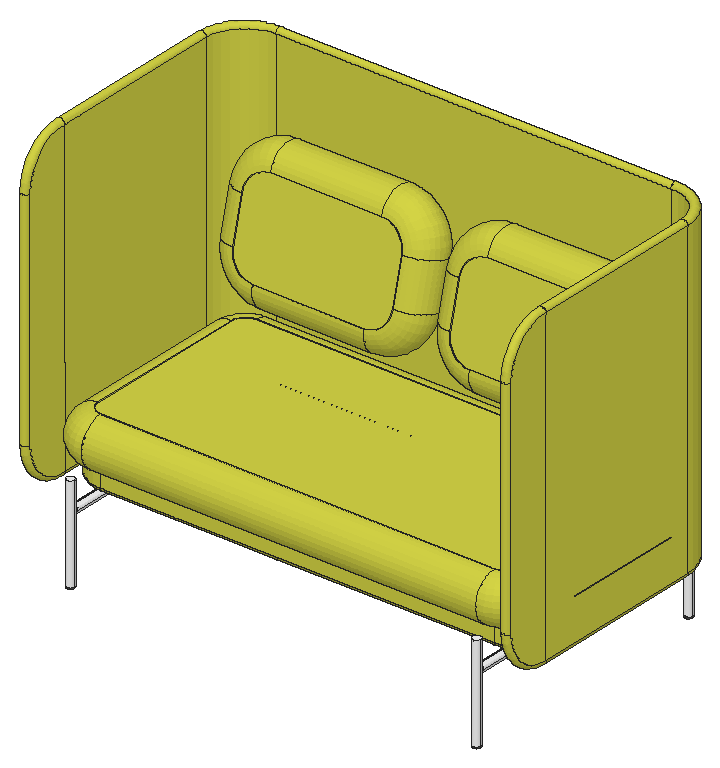
Revit family "SA-320", category Мебель, Revit 2017
Family settings
  На основе рабочей плоскости = Нет
  Всегда вертикально = Да
  При загрузке вырезать с полостями = Нет
  Общий = Нет
  Точка расчета площади = Нет
Parameters
  URL = "http://file-system.ru/catalog/zdaniya_i_sooruzheniya/interer/mebel/my_sa_320_skandiform_sofa/"
  Комментарии к типоразмеру = "Created by Astacus AB"
  Seat material = Rape Yellow
  Группа модели = "SA-320"
  Изготовитель = "Skandiform AB"
  Legs Material = White Lacquer
  Ключевая пометка = "XBF.4"
  Backrest material = Rape Yellow
Reference planes
  plane 1 "Center (Front/Back)": y = 0
  plane 2: z = 0
  plane 3 "Center (Left/Right)": x = 0
  plane 4: z = 298.5
  plane 5: z = 230
  plane 6: x = 340
  plane 7: through (0, 198.611, 798.071) normal (0, 0.9703, -0.2419)
Forms (mm)
  Sweep 1, solid, material "Rape Yellow" <- "Backrest material"
    path origin (0, 0, 0) x (1, 0, 0) y (0, 1, 0)
      loop
        line (1107.5, -292.25) -> (1107.5, 262.75)
        arc (1107.5, 262.75) -> (1064.005, 367.755) -> (959, 411.25) r 148.5
        line (959, 411.25) -> (-279, 411.25)
        arc (-279, 411.25) -> (-384.005, 367.755) -> (-427.5, 262.75) r 148.5
        line (-427.5, 262.75) -> (-427.5, -292.25)
    profile origin (-427.5, -14.75, 0) x (1, 0, 0) y (0, 0, 1)
      loop
        arc (27, 1213.68) -> (13.5, 1227.18) -> (0, 1213.68) r 13.5
        line (0, 1213.68) -> (0, 238.874)
        arc (0, 238.874) -> (13.5, 225.374) -> (27, 238.874) r 13.5
        line (27, 238.874) -> (27, 1213.68)
  Extrusion 2, solid, material "Rape Yellow" <- "Backrest material"
    sketch origin (0, 0, 0) x (0, 1, 0) y (0, 0, -1)
      loop
        line (-292.25, -1213.68) -> (-292.25, -237.5)
        arc (-292.25, -237.5) -> (-388.417, -277.333) -> (-428.25, -373.5) r 136
        line (-428.25, -373.5) -> (-428.25, -1078.5)
        arc (-428.25, -1078.5) -> (-388.491, -1174.502) -> (-292.25, -1213.68) r 134.763
    from 400.5 to 427.5
  Sweep 3, solid, material "Rape Yellow" <- "Backrest material"
    path in 3D
      loop
        arc (-427.5, -292.25, 1213.68) -> (-427.5, -388.491, 1174.502) -> (-427.5, -428.25, 1078.5) r 134.763
        line (-427.5, -428.25, 1078.5) -> (-427.5, -428.25, 373.5)
        arc (-427.5, -428.25, 373.5) -> (-427.5, -388.417, 277.333) -> (-427.5, -292.25, 237.5) r 136
    profile origin (-427.5, -428.25, 726) x (-1, 0, 0) y (0, -1, 0)
      loop
        arc (0, 0) -> (-13.5, 13.5) -> (-27, 0) r 13.5
        line (-27, 0) -> (0, 0)
  Extrusion 4, solid, material "Rape Yellow" <- "Seat material"
    sketch origin (0, 0, 0) x (1, 0, 0) y (0, 1, 0)
      loop
        line (-277, -213.75) -> (277.5, -213.75) -> (957, -213.75)
        arc (957, -213.75) -> (976.799, -205.549) -> (985, -185.75) r 28
        line (985, -185.75) -> (985, 260.75)
        arc (985, 260.75) -> (976.799, 280.549) -> (957, 288.75) r 28
        line (957, 288.75) -> (277.5, 288.75) -> (-277, 288.75)
        arc (-277, 288.75) -> (-296.799, 280.549) -> (-305, 260.75) r 28
        line (-305, 260.75) -> (-305, -185.75)
        arc (-305, -185.75) -> (-296.799, -205.549) -> (-277, -213.75) r 28
    from 230 to 298.5
  Extrusion 5, solid, material "Rape Yellow" <- "Seat material"
    sketch origin (0, 0, 0) x (1, 0, 0) y (0, 1, 0)
      loop
        line (-277.5, -303.75) -> (277.5, -303.75) -> (957, -303.75)
        arc (957, -303.75) -> (987.406, -291.156) -> (1000, -260.75) r 43
        line (1000, -260.75) -> (1000, 260.75)
        arc (1000, 260.75) -> (987.406, 291.156) -> (957, 303.75) r 43
        line (957, 303.75) -> (277.5, 303.75) -> (-277.5, 303.75)
        arc (-277.5, 303.75) -> (-307.552, 291.302) -> (-320, 261.25) r 42.5
        line (-320, 261.25) -> (-320, -261.25)
        arc (-320, -261.25) -> (-307.552, -291.302) -> (-277.5, -303.75) r 42.5
    from 298.5 to 448.5
  Extrusion 6, solid, material "White Lacquer" <- "Legs Material"
    sketch origin (0, 0, 0) x (1, 0, 0) y (0, 1, 0)
      loop
        circle (-296, 430.75) r 12.502
    from 5 to 301.992
  Extrusion 7, solid, material "White Lacquer" <- "Legs Material"
    sketch origin (0, 31.498, 0) x (1, 0, 0) y (0, 1, 0)
      loop
        circle (-296, -430.75) r 12.502
    from 5 to 301.992
  Revolve 8, solid, material "Rubber, Black"
    sketch origin (0, 430.748, 0) x (1, 0, 0) y (0, 0, 1)
      loop
        line (-296, 0) -> (-283.498, 0) -> (-283.498, 5) -> (-296, 5) -> (-296, 0)
      axis (-296, 0) -> (-296, 5)
    angle from 0 to 360
  Revolve 9, solid, material "Rubber, Black"
    sketch origin (0, -399.248, 0) x (1, 0, 0) y (0, 0, 1)
      loop
        line (-296, 0) -> (-283.498, 0) -> (-283.498, 5) -> (-296, 5) -> (-296, 0)
      axis (-296, 0) -> (-296, 5)
    angle from 0 to 360
  Revolve 10, solid, material "Rubber, Black"
    sketch origin (0, 430.748, 0) x (1, 0, 0) y (0, 0, 1)
      loop
        line (-296, 0) -> (-283.498, 0) -> (-283.498, 5) -> (-296, 5) -> (-296, 0)
      axis (-296, 0) -> (-296, 5)
    angle from 0 to 360
  Extrusion 11, solid, material "White Lacquer" <- "Legs Material"
    sketch origin (0, 0, 0) x (1, 0, 0) y (0, 0, 1)
      loop
        circle (-295.98, 212.495) r 12.574
      loop
        circle (-295.98, 212.495) r 10.592
    from -417.25 to 385.75
  Extrusion 12, solid, material "White Lacquer" <- "Legs Material"
    sketch origin (0, 0, 0) x (0, 1, 0) y (0, 0, 1)
      loop
        circle (-184.25, 212.5) r 12.263
      loop
        circle (-184.25, 212.5) r 10.355
    from -295.275 to 976.52
  Extrusion 13, solid, material "White Lacquer" <- "Legs Material"
    sketch origin (0, 31.737, 0) x (0, -1, 0) y (0, 0, -1)
      loop
        circle (-184.25, -212.5) r 12.5
      loop
        circle (-184.25, -212.5) r 10.5
    from -295.275 to 976.52
  Extrusion 14, solid, material "White Lacquer" <- "Legs Material"
    sketch origin (0, 67.5, 0) x (-1, 0, 0) y (0, -1, 0)
      loop
        line (404.5, 221.25) -> (355, 221.25)
        arc (355, 221.25) -> (342.5, 208.75) -> (355, 196.25) r 12.5
        line (355, 196.25) -> (404.5, 196.25) -> (404.5, 221.25)
      loop
        circle (355, 208.75) r 3.327
    from 226 to 230
  Extrusion 15, solid, material "White Lacquer" <- "Legs Material"
    sketch origin (0, 0, 0) x (-1, 0, 0) y (0, -1, 0)
      loop
        line (404.5, -221.25) -> (404.5, -196.25) -> (355, -196.25)
        arc (355, -196.25) -> (342.5, -208.75) -> (355, -221.25) r 12.5
        line (355, -221.25) -> (404.5, -221.25)
      loop
        circle (355, -208.75) r 3.327
    from 226 to 230
  Extrusion 16, solid, material "White Lacquer" <- "Legs Material"
    sketch origin (342.75, 911.844, 0) x (0, -1, 0) y (1, 0, 0)
      loop
        line (523.594, -221.25) -> (573.094, -221.25)
        arc (573.094, -221.25) -> (585.594, -208.75) -> (573.094, -196.25) r 12.5
        line (573.094, -196.25) -> (523.594, -196.25) -> (523.594, -221.25)
      loop
        circle (573.094, -208.75) r 3.327
    from 226 to 230
  Extrusion 17, solid, material "White Lacquer" <- "Legs Material"
    sketch origin (68.75, 911.844, 0) x (0, -1, 0) y (1, 0, 0)
      loop
        line (523.594, -221.25) -> (573.094, -221.25)
        arc (573.094, -221.25) -> (585.594, -208.75) -> (573.094, -196.25) r 12.5
        line (573.094, -196.25) -> (523.594, -196.25) -> (523.594, -221.25)
      loop
        circle (573.094, -208.75) r 3.327
    from 226 to 230
  Extrusion 18, solid, material "Rape Yellow" <- "Backrest material"
    sketch origin (1507.886, 0, 0) x (0, 1, 0) y (0, 0, -1)
      loop
        line (-292.25, -1213.68) -> (-292.25, -237.5)
        arc (-292.25, -237.5) -> (-388.417, -277.333) -> (-428.25, -373.5) r 136
        line (-428.25, -373.5) -> (-428.25, -1078.5)
        arc (-428.25, -1078.5) -> (-388.491, -1174.502) -> (-292.25, -1213.68) r 134.763
    from 400.5 to 427.5
  Sweep 19, solid, material "Rape Yellow" <- "Backrest material"
    path in 3D
      loop
        arc (1080.5, -292.249, 1213.68) -> (1080.5, -388.49, 1174.502) -> (1080.5, -428.249, 1078.5) r 134.763
        line (1080.5, -428.249, 1078.5) -> (1080.5, -428.249, 373.5)
        arc (1080.5, -428.249, 373.5) -> (1080.5, -388.416, 277.333) -> (1080.5, -292.249, 237.5) r 136
    profile origin (1080.5, -428.249, 726) x (-1, 0, 0) y (0, -1, 0)
      loop
        arc (0, 0) -> (-13.5, 13.5) -> (-27, 0) r 13.5
        line (-27, 0) -> (0, 0)
  Sweep 20, solid, material "Rape Yellow" <- "Seat material"
    path origin (-244.829, -1524, 298.5) x (0, -1, 0) y (1, 0, 0)
      loop
        arc (-1827.75, -32.171) -> (-1815.156, -62.576) -> (-1784.75, -75.171) r 43
        line (-1784.75, -75.171) -> (-1263.25, -75.171)
        arc (-1263.25, -75.171) -> (-1232.844, -62.576) -> (-1220.25, -32.171) r 43
        line (-1220.25, -32.171) -> (-1220.25, 1201.829)
        arc (-1220.25, 1201.829) -> (-1232.844, 1232.235) -> (-1263.25, 1244.829) r 43
        line (-1263.25, 1244.829) -> (-1784.75, 1244.829)
        arc (-1784.75, 1244.829) -> (-1815.156, 1232.235) -> (-1827.75, 1201.829) r 43
        line (-1827.75, 1201.829) -> (-1827.75, -32.171)
    profile origin (340, 303.75, 298.5) x (0, 1, 0) y (0, 0, 1)
      loop
        arc (0, 0) -> (75, 75) -> (0, 150) r 75
        line (0, 150) -> (0, 0)
  Sweep 21, solid, material "Rape Yellow" <- "Seat material"
    path origin (0, -290.365, 230) x (0, 1, 0) y (-1, 0, 0)
      loop
        line (76.615, -277) -> (76.615, -957)
        arc (76.615, -957) -> (84.816, -976.799) -> (104.615, -985) r 28
        line (104.615, -985) -> (551.115, -985)
        arc (551.115, -985) -> (570.914, -976.799) -> (579.115, -957) r 28
        line (579.115, -957) -> (579.115, -277) -> (579.115, 276.99)
        arc (579.115, 276.99) -> (570.911, 296.796) -> (551.105, 305) r 28.01
        line (551.105, 305) -> (104.615, 305)
        arc (104.615, 305) -> (84.816, 296.799) -> (76.615, 277) r 28
        line (76.615, 277) -> (76.615, -277)
    profile origin (0, -213.75, 230) x (0, -1, 0) y (0, 0, 1)
      loop
        line (0, 0) -> (80, 0)
        arc (80, 0) -> (87.071, 2.929) -> (90, 10) r 10
        line (90, 10) -> (90, 58.5)
        arc (90, 58.5) -> (87.071, 65.571) -> (80, 68.5) r 10
        line (80, 68.5) -> (0, 68.5) -> (0, 0)
  Extrusion 22, solid, material "White Lacquer" <- "Legs Material"
    sketch origin (680, 31.498, 0) x (-1, 0, 0) y (0, -1, 0)
      loop
        circle (-296, 430.75) r 12.502
    from 5 to 301.992
  Extrusion 23, solid, material "White Lacquer" <- "Legs Material"
    sketch origin (680, 0, 0) x (-1, 0, 0) y (0, -1, 0)
      loop
        circle (-296, -430.75) r 12.502
    from 5 to 301.992
  Extrusion 24, solid, material "White Lacquer" <- "Legs Material"
    sketch origin (680, 0, 0) x (-1, 0, 0) y (0, 0, -1)
      loop
        circle (-295.98, -212.495) r 12.574
      loop
        circle (-295.98, -212.495) r 10.592
    from -417.25 to 385.75
  Extrusion 25, solid, material "White Lacquer" <- "Legs Material"
    sketch origin (680, 0, 0) x (1, 0, 0) y (0, 1, 0)
      loop
        line (404.5, 221.25) -> (355, 221.25)
        arc (355, 221.25) -> (342.5, 208.75) -> (355, 196.25) r 12.5
        line (355, 196.25) -> (404.5, 196.25) -> (404.5, 221.25)
      loop
        circle (355, 208.75) r 3.327
    from 226 to 230
  Extrusion 26, solid, material "White Lacquer" <- "Legs Material"
    sketch origin (680, 67.5, 0) x (1, 0, 0) y (0, 1, 0)
      loop
        line (404.5, -221.25) -> (404.5, -196.25) -> (355, -196.25)
        arc (355, -196.25) -> (342.5, -208.75) -> (355, -221.25) r 12.5
        line (355, -221.25) -> (404.5, -221.25)
      loop
        circle (355, -208.75) r 3.327
    from 226 to 230
  Extrusion 27, solid, material "White Lacquer" <- "Legs Material"
    sketch origin (337.25, 911.844, 0) x (0, -1, 0) y (1, 0, 0)
      loop
        line (523.594, 221.25) -> (523.594, 196.25) -> (573.094, 196.25)
        arc (573.094, 196.25) -> (585.594, 208.75) -> (573.094, 221.25) r 12.5
        line (573.094, 221.25) -> (523.594, 221.25)
      loop
        circle (573.094, 208.75) r 3.327
    from 226 to 230
  Extrusion 28, solid, material "White Lacquer" <- "Legs Material"
    sketch origin (611.25, 911.844, 0) x (0, -1, 0) y (1, 0, 0)
      loop
        line (523.594, 221.25) -> (523.594, 196.25) -> (573.094, 196.25)
        arc (573.094, 196.25) -> (585.594, 208.75) -> (573.094, 221.25) r 12.5
        line (573.094, 221.25) -> (523.594, 221.25)
      loop
        circle (573.094, 208.75) r 3.327
    from 226 to 230
  Revolve 29, solid, material "Rubber, Black"
    sketch origin (680, 430.748, 0) x (-1, 0, 0) y (0, 0, -1)
      loop
        line (-296, 0) -> (-296, -5) -> (-283.498, -5) -> (-283.498, 0) -> (-296, 0)
      axis (-296, 0) -> (-296, -5)
    angle from 0 to 360
  Revolve 30, solid, material "Rubber, Black"
    sketch origin (680, -399.252, 0) x (-1, 0, 0) y (0, 0, 1)
      loop
        line (-296, 0) -> (-283.498, 0) -> (-283.498, 5) -> (-296, 5) -> (-296, 0)
      axis (-296, 0) -> (-296, 5)
    angle from 0 to 360
  Sweep 31, solid, material "Rape Yellow" <- "Seat material"
    path origin (0, 198.611, 798.071) x (0, -0.241922, -0.970296) y (-1, 0, 0)
      loop
        arc (158.736, 175) -> (136.769, 228.033) -> (83.736, 250) r 75
        line (83.736, 250) -> (-57.329, 250)
        arc (-57.329, 250) -> (-110.362, 228.033) -> (-132.329, 175) r 75
        line (-132.329, 175) -> (-132.329, -174.81)
        arc (-132.329, -174.81) -> (-110.362, -227.843) -> (-57.329, -249.81) r 75
        line (-57.329, -249.81) -> (83.736, -249.81)
        arc (83.736, -249.81) -> (136.769, -227.843) -> (158.736, -174.81) r 75
        line (158.736, -174.81) -> (158.736, 175)
    profile origin (-0.095, 160.209, 644.05) x (0, -0.241922, -0.970296) y (0, 0.970296, -0.241922)
      loop
        arc (0, 1.613) -> (76.137, 77.314) -> (-1.523, 151.452) r 74.949
        line (-1.523, 151.452) -> (0, 1.613)
  Extrusion 32, solid, material "Rape Yellow" <- "Seat material"
    sketch origin (0, 198.611, 798.071) x (0, -0.241922, -0.970296) y (-1, 0, 0)
      loop
        line (158.736, -174.81) -> (158.736, 175)
        arc (158.736, 175) -> (136.769, 228.033) -> (83.736, 250) r 75
        line (83.736, 250) -> (-57.329, 250)
        arc (-57.329, 250) -> (-110.362, 228.033) -> (-132.329, 175) r 75
        line (-132.329, 175) -> (-132.329, -174.81)
        arc (-132.329, -174.81) -> (-110.362, -227.843) -> (-57.329, -249.81) r 75
        line (-57.329, -249.81) -> (83.736, -249.81)
        arc (83.736, -249.81) -> (136.769, -227.843) -> (158.736, -174.81) r 75
    from 1.613 to 151.452
  Sweep 33, solid, material "Rape Yellow" <- "Seat material"
    path origin (680, 198.611, 798.071) x (0, -0.241922, -0.970296) y (-1, 0, 0)
      loop
        line (158.736, -175) -> (158.736, 174.81)
        arc (158.736, 174.81) -> (136.769, 227.843) -> (83.736, 249.81) r 75
        line (83.736, 249.81) -> (-57.329, 249.81)
        arc (-57.329, 249.81) -> (-110.362, 227.843) -> (-132.329, 174.81) r 75
        line (-132.329, 174.81) -> (-132.329, -175)
        arc (-132.329, -175) -> (-110.362, -228.033) -> (-57.329, -250) r 75
        line (-57.329, -250) -> (83.736, -250)
        arc (83.736, -250) -> (136.769, -228.033) -> (158.736, -175) r 75
    profile origin (680.095, 160.209, 644.05) x (0, 0.241922, 0.970296) y (0, 0.970296, -0.241922)
      loop
        line (0, 1.613) -> (1.523, 151.452)
        arc (1.523, 151.452) -> (-76.137, 77.314) -> (0, 1.613) r 74.949
  Extrusion 34, solid, material "Rape Yellow" <- "Seat material"
    sketch origin (680, 198.611, 798.071) x (0, -0.241922, -0.970296) y (-1, 0, 0)
      loop
        arc (158.736, 174.81) -> (136.769, 227.843) -> (83.736, 249.81) r 75
        line (83.736, 249.81) -> (-57.329, 249.81)
        arc (-57.329, 249.81) -> (-110.362, 227.843) -> (-132.329, 174.81) r 75
        line (-132.329, 174.81) -> (-132.329, -175)
        arc (-132.329, -175) -> (-110.362, -228.033) -> (-57.329, -250) r 75
        line (-57.329, -250) -> (83.736, -250)
        arc (83.736, -250) -> (136.769, -228.033) -> (158.736, -175) r 75
        line (158.736, -175) -> (158.736, 174.81)
    from 1.613 to 151.452
Cuts and joins
  joined: Extrusion 2, Sweep 3
Lines and regions (mm)
  Masking region 1
    outline origin (0, -290.365, 230) x (0, 1, 0) y (-1, 0, 0)
      loop
        arc (-137.884, 427.5) -> (-151.384, 414) -> (-137.884, 400.5) r 13.5
        line (-137.884, 400.5) -> (136.615, 400.5) -> (136.615, 395.031) -> (29.609, 395.031)
        arc (29.609, 395.031) -> (-41.834, 370.945) -> (-84.112, 308.521) r 118
        line (-84.112, 308.521) -> (-108.822, 308.521)
        arc (-108.822, 308.521) -> (-121.38, 295.963) -> (-108.822, 283.406) r 12.557
        line (-108.822, 283.406) -> (-88.386, 283.406) -> (-88.386, -963.406) -> (-108.822, -963.406)
        arc (-108.822, -963.406) -> (-121.38, -975.963) -> (-108.822, -988.521) r 12.557
        line (-108.822, -988.521) -> (-84.112, -988.521)
        arc (-84.112, -988.521) -> (-41.834, -1050.945) -> (29.609, -1075.031) r 118
        line (29.609, -1075.031) -> (136.615, -1075.031) -> (136.615, -1080.5) -> (-137.884, -1080.5)
        arc (-137.884, -1080.5) -> (-151.384, -1094) -> (-137.884, -1107.5) r 13.5
        line (-137.884, -1107.5) -> (557.115, -1107.5)
        arc (557.115, -1107.5) -> (649.832, -1073.833) -> (699.347, -988.521) r 144.504
        line (699.347, -988.521) -> (721.118, -988.521)
        arc (721.118, -988.521) -> (733.676, -975.963) -> (721.118, -963.406) r 12.557
        line (721.118, -963.406) -> (701.619, -963.406) -> (701.619, 283.406) -> (721.118, 283.406)
        arc (721.118, 283.406) -> (733.676, 295.963) -> (721.118, 308.521) r 12.557
        line (721.118, 308.521) -> (699.347, 308.521)
        arc (699.347, 308.521) -> (649.832, 393.833) -> (557.115, 427.5) r 144.504
        line (557.115, 427.5) -> (-137.884, 427.5)
      loop
        line (161.615, 400.5) -> (161.615, 395.031) -> (486.615, 395.031) -> (486.615, 400.5) -> (161.615, 400.5)
      loop
        arc (551.121, 395.031) -> (634.165, 360.863) -> (669.116, 278.145) r 118
        line (669.116, 278.145) -> (669.116, -958.145)
        arc (669.116, -958.145) -> (634.165, -1040.863) -> (551.121, -1075.031) r 118
        line (551.121, -1075.031) -> (511.615, -1075.031) -> (511.615, -1080.5) -> (556.615, -1080.5)
        arc (556.615, -1080.5) -> (640.308, -1043.137) -> (674.614, -958.145) r 122.435
        line (674.614, -958.145) -> (674.614, 278.145)
        arc (674.614, 278.145) -> (640.308, 363.137) -> (556.615, 400.5) r 122.435
        line (556.615, 400.5) -> (511.615, 400.5) -> (511.615, 395.031) -> (551.121, 395.031)
      loop
        line (161.615, -1080.5) -> (486.615, -1080.5) -> (486.615, -1075.031) -> (161.615, -1075.031) -> (161.615, -1080.5)
  sketch lines
    curve 1: line (-427.5, -428.25, 1078.5) -> (-427.5, -428.25, 373.5)
    curve 2: arc (-427.5, -428.25, 1078.5) -> (-427.5, -388.491, 1174.502) -> (-427.5, -292.25, 1213.68) r 134.763
    curve 3: arc (-427.5, -292.25, 237.5) -> (-427.5, -388.417, 277.333) -> (-427.5, -428.25, 373.5) r 136
    curve 4: line (1080.5, -428.249, 1078.5) -> (1080.5, -428.249, 373.5)
    curve 5: arc (1080.5, -428.249, 1078.5) -> (1080.5, -388.49, 1174.502) -> (1080.5, -292.249, 1213.68) r 134.763
    curve 6: arc (1080.5, -292.249, 237.5) -> (1080.5, -388.416, 277.333) -> (1080.5, -428.249, 373.5) r 136
  symbolic lines
    curve 7: arc (-308.521, -374.477, 230) -> (-296.086, -377.333, 230) -> (-283.406, -378.751, 230) r 111.545
    curve 9: arc (988.521, -374.477, 230) -> (976.086, -377.333, 230) -> (963.406, -378.751, 230) r 111.545
    curve 11: line (-326.152, 286.788, 230) -> (-326.152, 251.788, 230)
    curve 12: arc (-287.803, 355.304, 230) -> (-315.912, 326.047, 230) -> (-326.152, 286.788, 230) r 80.381
    curve 13: arc (-287.803, 355.304, 230) -> (-259.049, 368.873, 230) -> (-228.037, 375.883, 230) r 145.702
    curve 14: arc (-228.037, 375.883, 230) -> (-205.861, 377.855, 230) -> (-183.616, 378.751, 230) r 459.25
    curve 15: line (-183.021, 159.185, 230) -> (183.021, 159.185, 230)
    curve 16: arc (-289.734, 185.061, 230) -> (-316.455, 213.779, 230) -> (-326.152, 251.788, 230) r 79.338
    curve 17: arc (-289.734, 185.061, 230) -> (-266.339, 172.955, 230) -> (-241.094, 165.435, 230) r 140.272
    curve 18: arc (-183.021, 159.185, 230) -> (-212.209, 160.901, 230) -> (-241.094, 165.435, 230) r 301.619
    curve 19: line (326.152, 286.788, 230) -> (326.152, 251.788, 230)
    curve 20: arc (287.803, 355.304, 230) -> (315.912, 326.047, 230) -> (326.152, 286.788, 230) r 80.381
    curve 21: arc (287.803, 355.304, 230) -> (259.049, 368.873, 230) -> (228.037, 375.883, 230) r 145.702
    curve 22: arc (228.037, 375.883, 230) -> (205.861, 377.855, 230) -> (183.616, 378.751, 230) r 459.25
    curve 23: arc (289.734, 185.061, 230) -> (316.455, 213.779, 230) -> (326.152, 251.788, 230) r 79.338
    curve 24: arc (289.734, 185.061, 230) -> (266.339, 172.955, 230) -> (241.094, 165.435, 230) r 140.272
    curve 25: arc (183.021, 159.185, 230) -> (212.209, 160.901, 230) -> (241.094, 165.435, 230) r 301.619
    curve 26: line (1006.152, 286.788, 230) -> (1006.152, 251.788, 230)
    curve 27: arc (967.803, 355.304, 230) -> (995.912, 326.047, 230) -> (1006.152, 286.788, 230) r 80.381
    curve 28: arc (967.803, 355.304, 230) -> (939.05, 368.873, 230) -> (908.037, 375.883, 230) r 145.702
    curve 29: arc (908.037, 375.883, 230) -> (885.862, 377.855, 230) -> (863.616, 378.751, 230) r 459.25
    curve 30: line (863.021, 159.185, 230) -> (496.979, 159.185, 230)
    curve 31: arc (969.734, 185.061, 230) -> (996.455, 213.779, 230) -> (1006.152, 251.788, 230) r 79.338
    curve 32: arc (969.734, 185.061, 230) -> (946.339, 172.955, 230) -> (921.094, 165.435, 230) r 140.272
    curve 33: arc (863.021, 159.185, 230) -> (892.209, 160.901, 230) -> (921.094, 165.435, 230) r 301.619
    curve 34: line (353.848, 286.788, 230) -> (353.848, 251.788, 230)
    curve 35: arc (392.197, 355.304, 230) -> (364.088, 326.047, 230) -> (353.848, 286.788, 230) r 80.381
    curve 36: arc (392.197, 355.304, 230) -> (420.951, 368.873, 230) -> (451.963, 375.883, 230) r 145.702
    curve 37: arc (451.963, 375.883, 230) -> (474.139, 377.855, 230) -> (496.384, 378.751, 230) r 459.25
    curve 38: arc (390.266, 185.061, 230) -> (363.545, 213.779, 230) -> (353.848, 251.788, 230) r 79.338
    curve 39: arc (390.266, 185.061, 230) -> (413.661, 172.955, 230) -> (438.906, 165.435, 230) r 140.272
    curve 40: arc (496.979, 159.185, 230) -> (467.791, 160.901, 230) -> (438.906, 165.435, 230) r 301.619
    curve 51: arc (-283.406, 411.254, 230) -> (-296.004, 410.566, 230) -> (-308.521, 408.982, 230) r 176.898
    curve 53: arc (963.406, 411.254, 230) -> (976.004, 410.566, 230) -> (988.521, 408.982, 230) r 176.898
  symbolic lines, detail levels fine
    curve 8: arc (-283.406, -399.187, 230) -> (-295.963, -386.63, 230) -> (-308.521, -399.187, 230) r 12.557
    curve 10: arc (963.406, -399.187, 230) -> (975.963, -386.63, 230) -> (988.521, -399.187, 230) r 12.557
    curve 41: line (-400.5, 221.25, 230) -> (-400.5, 196.25, 230)
    curve 42: line (-395.031, 221.25, 230) -> (-395.031, 196.25, 230)
    curve 43: line (-400.5, -128.75, 230) -> (-400.5, -148.75, 230)
    curve 44: line (-400.5, -148.75, 230) -> (-400.5, -153.75, 230)
    curve 45: line (-395.031, -128.75, 230) -> (-395.031, -153.75, 230)
    curve 46: line (1075.031, 221.25, 230) -> (1075.031, 196.25, 230)
    curve 47: line (1080.5, 221.25, 230) -> (1080.5, 201.25, 230)
    curve 48: line (1080.5, 201.25, 230) -> (1080.5, 196.25, 230)
    curve 49: line (1075.031, -128.75, 230) -> (1075.031, -153.75, 230)
    curve 50: line (1080.5, -128.75, 230) -> (1080.5, -153.75, 230)
    curve 52: arc (-308.502, 430.75, 230) -> (-296, 418.248, 230) -> (-283.498, 430.75, 230) r 12.502
    curve 54: arc (988.502, 430.75, 230) -> (976, 418.248, 230) -> (963.498, 430.75, 230) r 12.502
Dimensions and locks
  aligned and locked: level to plane 2
